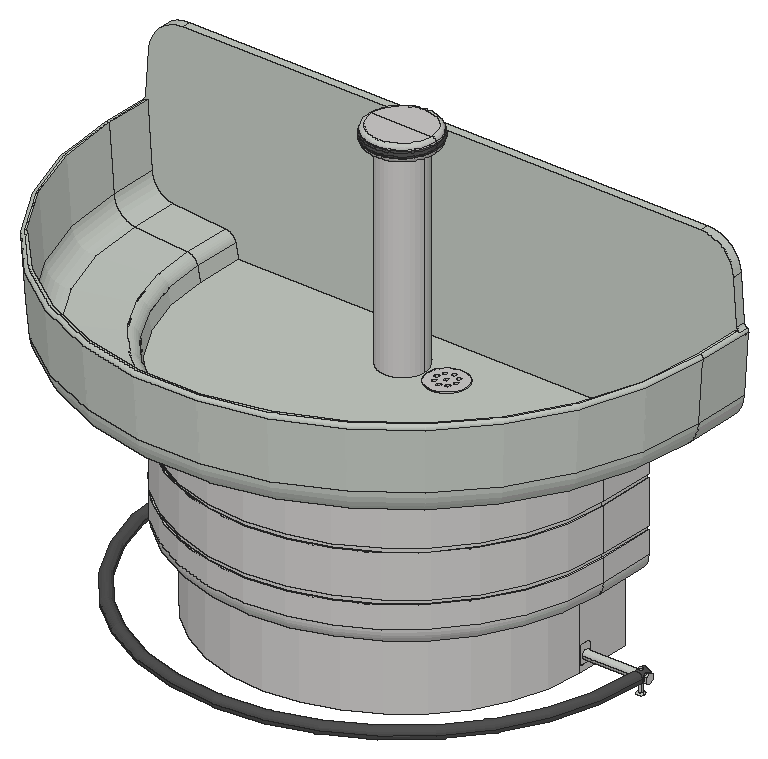
Revit family "Washfountain_Lavatory-Bradley_Corp-WF2504-Type_B_Drain", category Plumbing Fixtures, Revit 2012
Parameters (values of type "Standard")
  Width = 54.000"
  Warranty Information = "Terreon® material warranted for ten years. All other components warranted for one year. This warranty does not cover installation or any other labor charges and does not apply to any units, which have been damaged by accident, abuse, improper installation, improper maintenance, or altered in any way."
  WFU = 0
  Voltage = 110 V
  Version = "2.0"
  Vent Radius = Vent / 2  # 3/4"
  Vent = 1 1/2"
  URL = "http://www.bradleycorp.com/"
  Towel Dispenser Holder [instance] = if(and(Soap Dispenser, Sensor Module), 4.750", if(and(No Soap Dispenser, Sensor Module), 13.250", if(and(Soap Dispenser, No Sensor Module), 4.750", 13.250")))  # 13.250"
  Towel Dispenser Height [instance] = if(and(Soap Dispenser, Sensor Module, Model ID = 2), 55.500", if(and(No Soap Dispenser, Sensor Module, Model ID = 2), 55.500", if(and(Soap Dispenser, No Sensor Module, Model ID = 2), 52.000", if(and(No Soap Dispenser, No Sensor Module, Model ID = 2), 52.000", if(and(Soap Dispenser, Sensor Module, Model ID = 1), 51.500", if(and(No Soap Dispenser, Sensor Module, Model ID = 1), 51.500", if(and(Soap Dispenser, No Sensor Module, Model ID = 1), 48.000", 48.000")))))))  # 52.000"
  TouchTime® Control [instance] = no
  Technical Data = "n/a"
  Standard Height = Model ID = 2  # yes
  Spray Head Height = 38.750"
  Specifications URL = "http://www.bradleycorp.com/3partspec"
  Soap Dispenser Holder [instance] = 2.500"  # constant formula
  Soap Dispenser Height [instance] = if(and(No Sensor Module, Model ID = 2), 47.250", if(and(Sensor Module, Model ID = 2), 50.750", if(and(No Sensor Module, Model ID = 1), 43.250", 46.750")))  # 47.250"
  Sensor Module Height = 42.250"
  Sensor Module [instance] = or(not(Foot Control Valve), TouchTime® Control, Air Valve Hand Control, Adaptive Infrared Activation Control)  # no
  Rim Height = 29.500"
  Supply Height [instance] = if(and(Sensor Module, Soap Dispenser, Towel Dispenser, Model ID = 2), 71.813", if(and(Sensor Module, Soap Dispenser, No Towel Dispenser, Model ID = 2), 50.750", if(and(Sensor Module, No Soap Dispenser, No Towel Dispenser, Model ID = 2), 42.250", if(and(Sensor Module, No Soap Dispenser, Towel Dispenser, Model ID = 2), 71.813", if(and(No Sensor Module, No Soap Dispenser, No Towel Dispenser, Model ID = 2), 38.750", if(and(No Sensor Module, No Soap Dispenser, Towel Dispenser, Model ID = 2), 68.313", if(and(No Sensor Module, Soap Dispenser, Towel Dispenser, Model ID = 2), 68.313", if(and(No Sensor Module, Soap Dispenser, No Towel Dispenser, Model ID = 2), 47.250", if(and(Sensor Module, Soap Dispenser, Towel Dispenser, Model ID = 1), 67.813", if(and(Sensor Module, Soap Dispenser, No Towel Dispenser, Model ID = 1), 46.750", if(and(Sensor Module, No Soap Dispenser, No Towel Dispenser, Model ID = 1), 38.250", if(and(Sensor Module, No Soap Dispenser, Towel Dispenser, Model ID = 1), 67.813", if(and(No Sensor Module, No Soap Dispenser, No Towel Dispenser, Model ID = 1), 34.750", if(and(No Sensor Module, No Soap Dispenser, Towel Dispenser, Model ID = 1), 64.313", if(and(No Sensor Module, Soap Dispenser, Towel Dispenser, Model ID = 1), 64.313", 43.250")))))))))))))))  # 38.750"
  Product Tech Data URL - Spanish = ""
  Product Tech Data URL - French = ""
  Product Tech Data URL - English = "http://bradleycorp.com/download/1840/2013.pdf"
  Pedestal Material = Stainless Steel - Bradley Corp - Satin
  Pedestal Height = 19.000"
  Operating Water Pressure Range = "20 - 80 PSI"
  OmniClass Table 23 Title = "Sinks/Lavatories"
  OmniClass Table 23 Number = "23-31 13 00"
  OmniClass Table 21 Title = "Plumbing Fixtures"
  OmniClass Table 21 Number = "21-04 20 10 60"
  No Towel Dispenser [instance] = not(Towel Dispenser)  # yes
  No Soap Dispenser [instance] = not(Soap Dispenser)  # yes
  No Sensor Module [instance] = not(Sensor Module)  # yes
  Modeling Code = ""
  Model ID = 2
  Model = "WF2504"
  Material Note = "Other Terreon® colors available - See www.bradleycorp.com "
  MasterFormat Title = "Commercial Lavatories and Sinks"
  MasterFormat Number = "22 42 16"
  Manufacturer = "Bradley Corp"
  Juvenile Height = Model ID = 1  # no
  Industry Standards = "ANSI Z124.3, Z124.6 and ANSI/ICPA SS-1-2001"
  Hot Lavatory Inlet Primary Radius = Hot Lavatory Inlet Primary / 2  # 1/4"
  Hot Lavatory Inlet Primary = 1/2"
  HWFU = 0
  Frequency = 50 Hz
  Foot Control Valve [instance] = not(or(TouchTime® Control, Air Valve Hand Control, Adaptive Infrared Activation Control))  # yes
  Flow Type = 3.0 GPM
  Fire Rating = "n/a"
  Drain Radius = Drain / 2  # 1"
  Drain = 2"
  Description = "Washfountain, 54\" Semi Circular with 9\" Deep Bowl"
  Copyright = "This Model Data is Property of Bradley Corporation"
  Cold Lavatory Inlet Primary Radius = Cold Lavatory Inlet Primary / 2  # 1/4"
  Cold Lavatory Inlet Primary = 1/2"
  CWFU = 0
  Buy American Act = "No"
  Button Visibility [instance] = or(TouchTime® Control, Air Valve Hand Control)  # no
  Bowl Material [instance] = Stone - Bradley Corp - Empire Gray
  Assembly Code = "D2010300"
  Air Valve Hand Control [instance] = no
  Adaptive Infrared Activation Control [instance] = no
  ADA Compliant = "Yes"
  Soap Dispenser [instance] = no
  Towel Dispenser [instance] = no
Reference planes (in)
  plane 1 "Center (Front/Back)": y = 0
  plane 2: z = 0
  plane 3 "Center (Left/Right)": x = 0
  plane 4 "Left": x = -27
  plane 5 "Right": x = 27
  plane 6 "Towel Dispenser": z = 52
  plane 7 "Soap Dispenser": z = 47.25
  plane 8 "Sensor Module": z = 42.25
  plane 9 "Spray Head": z = 38.75
  plane 10 "Rim Height": z = 29.5
  plane 11 "Pedestal Height": z = 19
  plane 12: z = 41.25
  plane 13: y = -32.2274
Forms (in)
  Sweep 1, solid, material "Stone - Bradley Corp - Empire Gray" <- "Bowl Material"
    path in 3D
      loop
        line (26.97649, 0, 29.5) -> (26.97649, -5.09016, 29.5)
        arc (26.97649, -5.09016, 29.5) -> (0, -32.06665, 29.5) -> (-26.97649, -5.09016, 29.5) r 26.97649
        line (-26.97649, -5.09016, 29.5) -> (-26.97649, 0, 29.5)
    profile origin (-26.97649, -2.54508, 29.5) x (-1, 0, 0) y (0, 0, 1)
      loop
        line (-0.36849, -5.60574) -> (0.00015, -0.33398)
        arc (0.00015, -0.33398) -> (-0.08011, -0.10234) -> (-0.30288, 0) r 0.31231
        line (-0.30288, 0) -> (-0.47772, 0) -> (-0.86727, -5.57086)
        arc (-0.86727, -5.57086) -> (-1.46619, -6.9067) -> (-2.78695, -7.53818) r 2.125
        line (-2.78695, -7.53818) -> (-7.52625, -7.93634)
        arc (-7.52625, -7.93634) -> (-8.11685, -8.19439) -> (-8.42734, -8.75918) r 1
        line (-8.42734, -8.75918) -> (-8.64604, -9.99947) -> (-24.97649, -9.99947) -> (-24.97649, -10.5) -> (-8.64604, -10.5)
        arc (-8.64604, -10.5) -> (-8.32099, -10.37992) -> (-8.15206, -10.07737) r 0.5
        line (-8.15206, -10.07737) -> (-7.93494, -8.846)
        arc (-7.93494, -8.846) -> (-7.77969, -8.56361) -> (-7.48439, -8.43458) r 0.5
        line (-7.48439, -8.43458) -> (-2.74261, -8.03622)
        arc (-2.74261, -8.03622) -> (-1.1093, -7.25688) -> (-0.36849, -5.60574) r 2.625
  Sweep 2, solid, material "Stone - Bradley Corp - Empire Gray" <- "Bowl Material", detail levels coarse
    path in 3D
      loop
        line (26.97649, 0, 29.5) -> (26.97649, -5.09016, 29.5)
        arc (26.97649, -5.09016, 29.5) -> (0, -32.06665, 29.5) -> (-26.97649, -5.09016, 29.5) r 26.97649
        line (-26.97649, -5.09016, 29.5) -> (-26.97649, 0, 29.5)
    profile origin (-26.97649, -2.54508, 29.5) x (-1, 0, 0) y (0, 0, 1)
      loop
        line (-0.52542, -7.84995) -> (0.0235, 0) -> (-0.47772, 0) -> (-0.99431, -7.38758) -> (-8.29362, -8.00081) -> (-8.64604, -9.99947) -> (-24.97641, -9.99947) -> (-24.97641, -10.5) -> (-8.22658, -10.5) -> (-7.86808, -8.46682) -> (-0.52542, -7.84995)
  Sweep 3, solid, material "Stainless Steel - Bradley Corp - Satin" <- "Pedestal Material", visible <- "Standard Height", detail levels medium+fine
    path in 3D
      loop
        line (-18.00049, 0, 19) -> (-18.00049, -5.09016, 19)
        arc (-18.00049, -5.09016, 19) -> (0, -23.09065, 19) -> (18.00049, -5.09016, 19) r 18.00049
        line (18.00049, -5.09016, 19) -> (18.00049, 0, 19)
    profile origin (-18.00049, -2.54508, 19) x (1, 0, 0) y (0, 0, 1)
      loop
        line (0.00049, -4.376) -> (0.12942, -4.376) -> (0.12942, -4.751) -> (0.00454, -4.751) -> (0.00454, -8.56354) -> (0.12942, -8.56354) -> (0.12942, -8.9385) -> (0.0005, -8.9385) -> (0.0005, -10.96713)
        arc (0.0005, -10.96713) -> (0.44863, -12.04901) -> (1.53051, -12.49714) r 1.53001
        line (1.53051, -12.49714) -> (2.14799, -12.49714) -> (2.14799, -19) -> (2.64799, -19) -> (2.64799, -11.99714) -> (1.53051, -11.99714)
        arc (1.53051, -11.99714) -> (0.80218, -11.69546) -> (0.5005, -10.96713) r 1.03001
        line (0.5005, -10.96713) -> (0.5005, -8.9385) -> (0.62942, -8.9385) -> (0.62942, -8.56354) -> (0.50454, -8.56354) -> (0.50454, -4.751) -> (0.62942, -4.751) -> (0.62942, -4.376) -> (0.50049, -4.376) -> (0.50049, 0) -> (0.00049, 0) -> (0.00049, -4.376)
  Sweep 4, solid, material "Stainless Steel - Bradley Corp - Satin" <- "Pedestal Material", visible <- "Standard Height", detail levels coarse
    path in 3D
      loop
        line (-18.00049, 0, 19) -> (-18.00049, -5.09016, 19)
        arc (-18.00049, -5.09016, 19) -> (0, -23.09065, 19) -> (18.00049, -5.09016, 19) r 18.00049
        line (18.00049, -5.09016, 19) -> (18.00049, 0, 19)
    profile origin (-18.00049, -2.54508, 19) x (1, 0, 0) y (0, 0, 1)
      loop
        line (0, 0) -> (0, -12.49714) -> (2.14799, -12.49714) -> (2.14799, -19) -> (2.64799, -19) -> (2.64799, -11.99714) -> (0.50454, -11.99714) -> (0.50454, 0) -> (0, 0)
  Sweep 5, solid, material "Stainless Steel - Bradley Corp - Satin" <- "Pedestal Material", visible <- "Juvenile Height", detail levels medium+fine
    path in 3D
      loop
        line (-18.00049, 0, 19) -> (-18.00049, -5.09016, 19)
        arc (-18.00049, -5.09016, 19) -> (0, -23.09065, 19) -> (18.00049, -5.09016, 19) r 18.00049
        line (18.00049, -5.09016, 19) -> (18.00049, 0, 19)
    profile origin (-18.00049, -2.54508, 19) x (1, 0, 0) y (0, 0, 1)
      loop
        line (0, -3.44859) -> (0.1016, -3.44859) -> (0.1016, -3.74411) -> (0.0032, -3.74411) -> (0.0032, -6.74866) -> (0.1016, -6.74866) -> (0.1016, -7.04415) -> (0.00001, -7.04415) -> (0.00001, -8.20062)
        arc (0.00001, -8.20062) -> (0.48269, -9.36592) -> (1.64799, -9.8486) r 1.64798
        line (1.64799, -9.8486) -> (2.14799, -9.8486) -> (2.14799, -15) -> (2.54202, -15) -> (2.54202, -9.45457) -> (1.64799, -9.45457)
        arc (1.64799, -9.45457) -> (0.76131, -9.08729) -> (0.39404, -8.20062) r 1.25395
        line (0.39404, -8.20062) -> (0.39404, -7.04415) -> (0.49564, -7.04415) -> (0.49564, -6.74866) -> (0.39723, -6.74866) -> (0.39723, -3.74411) -> (0.49564, -3.74411) -> (0.49564, -3.44859) -> (0.39403, -3.44859) -> (0.39403, 0) -> (0, 0) -> (0, -3.44859)
  Sweep 6, solid, material "Stainless Steel - Bradley Corp - Satin" <- "Pedestal Material", visible <- "Juvenile Height", detail levels coarse
    path in 3D
      loop
        line (-18.00049, 0, 19) -> (-18.00049, -5.09016, 19)
        arc (-18.00049, -5.09016, 19) -> (0, -23.09065, 19) -> (18.00049, -5.09016, 19) r 18.00049
        line (18.00049, -5.09016, 19) -> (18.00049, 0, 19)
    profile origin (-18.00049, -2.54508, 19) x (1, 0, 0) y (0, 0, 1)
      loop
        line (0, -9.8486) -> (2.14799, -9.8486) -> (2.14799, -15) -> (2.64799, -15) -> (2.64799, -9.3486) -> (0.5, -9.3486) -> (0.5, 0) -> (0, 0) -> (0, -9.8486)
  Revolve 7, solid, material "Stainless Steel - Bradley Corp - Polished", visible <- "Soap Dispenser", detail levels fine
    sketch origin (-3, -5.25, 47.25) x (1, 0, 0) y (0, 0, 1)
      loop
        line (-2.88598, -5.36403) -> (-2.85471, -5.36403) -> (-2.85471, -6) -> (3, -6) -> (3, 0) -> (-0.11538, 0)
        arc (-0.11538, 0) -> (-1.691, -0.10007) -> (-3.24592, -0.37358) r 14.27083
        line (-3.24592, -0.37358) -> (-3.24592, -0.99953) -> (-3.01, -0.99953) -> (-3.01, -1.61403) -> (-2.97, -1.61403) -> (-2.97, -2.86403) -> (-2.93, -2.86403) -> (-2.93, -4.11402) -> (-2.88598, -4.11402) -> (-2.88598, -5.36403)
      axis (3, 0) -> (3, -6)
    angle from 360 to 180
  Revolve 8, solid, material "Stainless Steel - Bradley Corp - Polished", visible <- "Soap Dispenser", detail levels coarse+medium
    sketch origin (-3, -5.25, 47.25) x (1, 0, 0) y (0, 0, 1)
      loop
        line (-3.24592, -0.99953) -> (-2.85471, -6) -> (3, -6) -> (3, -0.99953) -> (-3.24592, -0.99953)
      axis (3, -0.99953) -> (3, -6)
    angle from 360 to 180
  Revolve 9, solid, material "Stainless Steel - Bradley Corp - Polished", detail levels fine
    sketch origin (-3, -5.25, 38.75) x (1, 0, 0) y (0, 0, 1)
      loop
        arc (0.31, 0) -> (0.06605, -0.10105) -> (-0.035, -0.345) r 0.345
        line (-0.035, -0.345) -> (-0.035, -0.44473)
        arc (-0.035, -0.44473) -> (-0.09885, -0.47345) -> (-0.125, -0.5384) r 0.09375
        line (-0.125, -0.5384) -> (-0.125, -0.8509)
        arc (-0.125, -0.8509) -> (-0.09885, -0.91586) -> (-0.035, -0.94458) r 0.09375
        line (-0.035, -0.94458) -> (-0.035, -1.04463)
        arc (-0.035, -1.04463) -> (0.06605, -1.28858) -> (0.31, -1.38963) r 0.345
        line (0.31, -1.38963) -> (1, -1.38963) -> (1, -19.75) -> (3, -19.75) -> (3, 0) -> (0.31, 0)
      axis (3, 0) -> (3, -19.75)
    angle from 0 to 360
  Revolve 10, solid, material "Stainless Steel - Bradley Corp - Polished", detail levels coarse+medium
    sketch origin (-3, -5.25, 38.75) x (1, 0, 0) y (0, 0, 1)
      loop
        line (-0.125, -0.94458) -> (0.31, -1.38963) -> (1, -1.38963) -> (1, -19.75) -> (3, -19.75) -> (3, 0.00012) -> (0.31985, 0.00012) -> (-0.125, -0.44473) -> (-0.125, -0.94458)
      axis (3, 0.00012) -> (3, -19.75)
    angle from 0 to 360
  Extrusion 11, solid, material "Stone - Bradley Corp - Empire Gray" <- "Bowl Material", detail levels medium+fine
    sketch origin (-3, 0, 29.5) x (1, 0, 0) y (0, 0, 1)
      loop
        arc (-23.60112, 0.33907) -> (-23.6674, 0.12286) -> (-23.82201, -0.04217) r 0.50097
        arc (-23.82201, -0.04217) -> (-23.75046, -0.01178) -> (-23.67361, 0) r 0.31231
        line (-23.67361, 0) -> (-23.49877, 0) -> (-23.10922, -5.57086)
        arc (-23.10922, -5.57086) -> (-22.49462, -6.9226) -> (-21.14503, -7.54192) r 2.125
        line (-21.14503, -7.54192) -> (-16.45024, -7.93634)
        arc (-16.45024, -7.93634) -> (-15.85964, -8.19439) -> (-15.54915, -8.75918) r 1
        line (-15.54915, -8.75918) -> (-15.33045, -9.99947) -> (21.33045, -9.99947) -> (21.54915, -8.75918)
        arc (21.54915, -8.75918) -> (21.85964, -8.19439) -> (22.45024, -7.93634) r 1
        line (22.45024, -7.93634) -> (27.14503, -7.54192)
        arc (27.14503, -7.54192) -> (28.49462, -6.9226) -> (29.10922, -5.57086) r 2.125
        line (29.10922, -5.57086) -> (29.49877, 0) -> (29.67361, 0)
        arc (29.67361, 0) -> (29.75046, -0.01178) -> (29.82201, -0.04217) r 0.31231
        arc (29.82201, -0.04217) -> (29.6674, 0.12286) -> (29.60112, 0.33907) r 0.50097
        line (29.60112, 0.33907) -> (29.33045, 4.20977)
        arc (29.33045, 4.20977) -> (28.38375, 6.19456) -> (26.33776, 7.0005) r 3
        line (26.33776, 7.0005) -> (-20.33776, 7.0005)
        arc (-20.33776, 7.0005) -> (-22.38375, 6.19456) -> (-23.33045, 4.20977) r 3
        line (-23.33045, 4.20977) -> (-23.60112, 0.33907)
    from 0 to 0.8003
  Extrusion 12, solid, material "Stone - Bradley Corp - Empire Gray" <- "Bowl Material", detail levels coarse
    sketch origin (-3, 0, 29.5) x (1, 0, 0) y (0, 0, 1)
      loop
        line (-23.49877, 0) -> (-22.98218, -7.38758) -> (-15.68287, -8.00081) -> (-15.33045, -9.99947) -> (21.33045, -9.99947) -> (21.68287, -8.00081) -> (28.98218, -7.38758) -> (29.49877, 0) -> (29.99999, 0) -> (29.99999, 3.33827)
        arc (29.99999, 3.33827) -> (28.92735, 5.92786) -> (26.33776, 7.0005) r 3.66224
        line (26.33776, 7.0005) -> (-20.33776, 7.0005)
        arc (-20.33776, 7.0005) -> (-22.92735, 5.92786) -> (-23.99999, 3.33827) r 3.66224
        line (-23.99999, 3.33827) -> (-23.99999, 0) -> (-23.49877, 0)
    from 0 to 0.8003
  Extrusion 13, solid, material "Stainless Steel - Bradley Corp - Polished", visible <- "Soap Dispenser", detail levels coarse+medium
    sketch origin (-3, -5.25, 47.25) x (1, 0, 0) y (0, 0, 1)
      loop
        line (-2.85471, -6) -> (8.85471, -6) -> (9.24592, -0.99953) -> (-3.24592, -0.99953) -> (-2.85471, -6)
    from 0 to -2.25
  Extrusion 14, solid, material "Stainless Steel - Bradley Corp - Polished", visible <- "Soap Dispenser", detail levels fine
    sketch origin (-3, -5.25, 47.25) x (1, 0, 0) y (0, 0, 1)
      loop
        line (-2.88598, -5.36403) -> (-2.85471, -5.36403) -> (-2.85471, -6) -> (8.85471, -6) -> (8.85471, -5.36403) -> (8.88598, -5.36403) -> (8.88598, -4.11402) -> (8.93, -4.11402) -> (8.93, -2.86403) -> (8.97, -2.86403) -> (8.97, -1.61403) -> (9.01, -1.61403) -> (9.01, -0.99953) -> (9.24592, -0.99953) -> (9.24592, -0.37358)
        arc (9.24592, -0.37358) -> (7.691, -0.10007) -> (6.11538, 0) r 14.27083
        line (6.11538, 0) -> (-0.11538, 0)
        arc (-0.11538, 0) -> (-1.691, -0.10007) -> (-3.24592, -0.37358) r 14.27083
        line (-3.24592, -0.37358) -> (-3.24592, -0.99953) -> (-3.01, -0.99953) -> (-3.01, -1.61403) -> (-2.97, -1.61403) -> (-2.97, -2.86403) -> (-2.93, -2.86403) -> (-2.93, -4.11402) -> (-2.88598, -4.11402) -> (-2.88598, -5.36403)
    from 0 to -2.25
  Revolve 15, solid, material "Stainless Steel - Bradley Corp - Polished", visible <- "Sensor Module", detail levels fine
    sketch origin (-3, -5.25, 42.25) x (1, 0, 0) y (0, 0, 1)
      loop
        line (-1.49987, -0.56541) -> (-1.49987, -1.98683)
        arc (-1.49987, -1.98683) -> (-1.48063, -2.08301) -> (-1.42587, -2.16439) r 0.25
        line (-1.42587, -2.16439) -> (-0.82309, -2.76716)
        arc (-0.82309, -2.76716) -> (-0.74199, -2.82135) -> (-0.64632, -2.84038) r 0.25
        line (-0.64632, -2.84038) -> (1, -2.84038) -> (1, -3.5) -> (3, -3.5) -> (3, 0) -> (0.89718, 0)
        arc (0.89718, 0) -> (-0.28099, -0.0858) -> (-1.45612, -0.2063) r 40.06
        arc (-1.45612, -0.2063) -> (-1.54124, -0.251) -> (-1.57537, -0.34072) r 0.135
        line (-1.57537, -0.34072) -> (-1.57537, -0.56541) -> (-1.49987, -0.56541)
      axis (3, 0) -> (3, -3.5)
    angle from 0 to 360
  Revolve 16, solid, material "Stainless Steel - Bradley Corp - Polished", visible <- "Sensor Module", detail levels coarse+medium
    sketch origin (-3, -5.25, 42.25) x (1, 0, 0) y (0, 0, 1)
      loop
        line (-1.57537, -2.01488) -> (-0.74987, -2.84038) -> (1, -2.84038) -> (1, -3.5) -> (3, -3.5) -> (3, 0) -> (-1.57537, 0) -> (-1.57537, -2.01488)
      axis (3, 0) -> (3, -3.5)
    angle from 0 to 360
  Extrusion 17, solid, material "Stainless Steel - Bradley Corp - Polished", visible <- "Towel Dispenser"
    sketch origin (-0.06458, -11.63773, 52) x (0, 0, 1) y (-0.871825, -0.489818, 0)
      loop
        line (0, 0) -> (15.313, 0) -> (14.62567, 4) -> (1.37502, 4) -> (0, 1.75) -> (0, 0)
    from 0 to -11
  Extrusion 18, solid, material "Stainless Steel - Bradley Corp - Polished", visible <- "Towel Dispenser"
    sketch origin (0.06458, -11.63773, 52) x (0, 0, 1) y (-0.871825, 0.489818, 0)
      loop
        line (0, 0) -> (0, -1.75) -> (1.37502, -4) -> (14.62567, -4) -> (15.313, 0) -> (0, 0)
    from 0 to -11
  Extrusion 19, solid, material "Stainless Steel - Bradley Corp - Polished", visible <- "Towel Dispenser"
    sketch origin (0, 0, 52) x (-1, 0, 0) y (0, -1, 0)
      loop
        circle (0, 5.25) r 2
    from -13.25 to 16.313
  Extrusion 20, solid, material "Stainless Steel - Bradley Corp - Polished", visible <- "Soap Dispenser"
    sketch origin (0, 0, 47.25) x (-1, 0, 0) y (0, -1, 0)
      loop
        circle (0, 5.25) r 2
    from -6 to -8.5
  Extrusion 21, solid, material "Stainless Steel - Bradley Corp - Polished", visible <- "Towel Dispenser"
    sketch origin (0, 0, 52) x (-1, 0, 0) y (0, -1, 0)
      loop
        line (5.45258, 2.04766) -> (0.06458, 11.63773) -> (-0.06458, 11.63773) -> (-5.45258, 2.04766) -> (5.45258, 2.04766)
      loop
        circle (0, 5.25) r 2
    from 1.0786 to 1.5786
  Extrusion 22, solid, material "Stainless Steel - Bradley Corp - Polished", visible <- "Towel Dispenser"
    sketch origin (0, 0, 52) x (-1, 0, 0) y (0, -1, 0)
      loop
        line (-5.45258, 2.04766) -> (5.45258, 2.04766) -> (0.06458, 11.63773) -> (-0.06458, 11.63773) -> (-5.45258, 2.04766)
      loop
        circle (0, 5.25) r 2
    from 14.62567 to 14.12567
  Extrusion 23, solid, material "Stone - Bradley Corp - Empire Gray" <- "Bowl Material", detail levels coarse
    sketch origin (0, 0, 29.5) x (-1, 0, 0) y (0, -1, 0)
      loop
        arc (2.00008, 5.09016) -> (0, 3.09007) -> (-2.00008, 5.09016) r 2.00008
        line (-2.00008, 5.09016) -> (-2.00008, 0) -> (2.00008, 0) -> (2.00008, 5.09016)
    from -10.499 to -9.99947
  Extrusion 24, solid, material "Stone - Bradley Corp - Empire Gray" <- "Bowl Material"
    sketch origin (0, 0, 29.5) x (-1, 0, 0) y (0, -1, 0)
      loop
        arc (2, 5.09016) -> (0, 3.09016) -> (-2, 5.09016) r 2
        line (-2, 5.09016) -> (-2, 0) -> (2, 0) -> (2, 5.09016)
    from -10.499 to -9.99947
  Sweep 25, solid, material "Plastic - Bradley Corp - Black", visible <- "Foot Control Valve"
    path in 3D
      loop
        line (21.00049, -4.125, 0) -> (21.00049, -5.09016, 0)
        arc (21.00049, -5.09016, 0) -> (0, -26.09065, 0) -> (-21.00049, -5.09016, 0) r 21.00049
        line (-21.00049, -5.09016, 0) -> (-21.00049, -4.125, 0)
    profile origin (-21.00049, -4.60758, 0) x (-1, 0, 0) y (0, 0, 1)
      loop
        circle (0, 1.425) r 0.5
  Extrusion 26, solid, material "Stainless Steel - Bradley Corp - Satin", visible <- "Foot Control Valve"
    sketch origin (0, 0, 0) x (0, 1, 0) y (0, 0, 1)
      loop
        circle (-4.625, 1.425) r 0.371
    from -21.53456 to -15.8525
  Extrusion 27, solid, material "Stainless Steel - Bradley Corp - Satin", visible <- "Foot Control Valve"
    sketch origin (0, 0, 0) x (0, 1, 0) y (0, 0, -1)
      loop
        circle (-4.625, -1.425) r 0.371
    from -21.53456 to -15.8525
  Extrusion 28, solid, material "Stainless Steel - Bradley Corp - Polished", visible <- "Foot Control Valve", detail levels fine
    sketch origin (0, 0, 0) x (1, 0, 0) y (0, 1, 0)
      loop
        circle (-21.00049, -4.625) r 0.117
    from 0.12175 to 2.02302
  Extrusion 29, solid, material "Stainless Steel - Bradley Corp - Polished", visible <- "Foot Control Valve", detail levels fine
    sketch origin (0, 0, 0) x (-1, 0, 0) y (0, -1, 0)
      loop
        circle (-21.00049, 4.625) r 0.117
    from 0.12175 to 2.02302
  Blend 30, solid, material "Stainless Steel - Bradley Corp - Polished", visible <- "Foot Control Valve", detail levels fine
    base sketch origin (0, 0, 0) x (1, 0, 0) y (0, 1, 0)
      loop
        circle (-21.00049, -4.625) r 0.117
    top sketch origin (0, 0, 0) x (1, 0, 0) y (0, 1, 0)
      loop
        circle (-21.00049, -4.625) r 0.325
    from 0.12175 to 0
  Blend 31, solid, material "Stainless Steel - Bradley Corp - Polished", visible <- "Foot Control Valve", detail levels fine
    base sketch origin (0, 0, 0) x (-1, 0, 0) y (0, -1, 0)
      loop
        circle (-21.00049, 4.625) r 0.117
    top sketch origin (0, 0, 0) x (-1, 0, 0) y (0, -1, 0)
      loop
        circle (-21.00049, 4.625) r 0.325
    from 0.12175 to 0
  Extrusion 32, solid, material "Stainless Steel - Bradley Corp - Polished", visible <- "Foot Control Valve", detail levels fine
    sketch origin (0, 0, 0) x (0, 1, 0) y (0, 0, 1)
      loop
        line (-4.25298, 1.64221) -> (-4.62448, 1.85669) -> (-4.99598, 1.64221) -> (-4.99598, 1.21324) -> (-4.62448, 0.99875) -> (-4.25298, 1.21324) -> (-4.25298, 1.64221)
    from -21.53456 to -21.80027
  Extrusion 33, solid, material "Stainless Steel - Bradley Corp - Polished", visible <- "Foot Control Valve", detail levels fine
    sketch origin (0, 0, 0) x (0, 1, 0) y (0, 0, -1)
      loop
        line (-4.25298, -1.64221) -> (-4.25298, -1.21324) -> (-4.62448, -0.99875) -> (-4.99598, -1.21324) -> (-4.99598, -1.64221) -> (-4.62448, -1.85669) -> (-4.25298, -1.64221)
    from -21.53456 to -21.80027
  Extrusion 34, solid, material "Stainless Steel - Bradley Corp - Satin", visible <- "Foot Control Valve"
    sketch origin (0, 0, 0) x (0, 1, 0) y (0, 0, 1)
      loop
        line (-4.37723, 2.29222) -> (-4.87723, 2.29222)
        arc (-4.87723, 2.29222) -> (-5.05401, 2.219) -> (-5.12723, 2.04222) r 0.25
        line (-5.12723, 2.04222) -> (-5.12723, 0.91722)
        arc (-5.12723, 0.91722) -> (-5.05401, 0.74044) -> (-4.87723, 0.66722) r 0.25
        line (-4.87723, 0.66722) -> (-4.37723, 0.66722)
        arc (-4.37723, 0.66722) -> (-4.20046, 0.74044) -> (-4.12723, 0.91722) r 0.25
        line (-4.12723, 0.91722) -> (-4.12723, 2.04222)
        arc (-4.12723, 2.04222) -> (-4.20046, 2.219) -> (-4.37723, 2.29222) r 0.25
    from -15.978 to -15.8525
  Extrusion 35, solid, material "Stainless Steel - Bradley Corp - Satin", visible <- "Foot Control Valve"
    sketch origin (0, 0, 0) x (0, 1, 0) y (0, 0, -1)
      loop
        arc (-4.37723, -2.29222) -> (-4.20046, -2.219) -> (-4.12723, -2.04222) r 0.25
        line (-4.12723, -2.04222) -> (-4.12723, -0.91722)
        arc (-4.12723, -0.91722) -> (-4.20046, -0.74044) -> (-4.37723, -0.66722) r 0.25
        line (-4.37723, -0.66722) -> (-4.87723, -0.66722)
        arc (-4.87723, -0.66722) -> (-5.05401, -0.74044) -> (-5.12723, -0.91722) r 0.25
        line (-5.12723, -0.91722) -> (-5.12723, -2.04222)
        arc (-5.12723, -2.04222) -> (-5.05401, -2.219) -> (-4.87723, -2.29222) r 0.25
        line (-4.87723, -2.29222) -> (-4.37723, -2.29222)
    from -15.978 to -15.8525
  Extrusion 36, void
    sketch origin (0, 0, 19) x (-1, 0, 0) y (0, -1, 0)
      loop
        circle (-4, 5.25) r 1.75
    from 0 to 10.5
  Extrusion 37, solid, material "Stainless Steel - Bradley Corp - Polished", detail levels medium+fine
    sketch origin (0, 0, 19) x (-1, 0, 0) y (0, -1, 0)
      loop
        circle (-4, 5.25) r 1.75
      loop
        circle (-4, 5.25) r 0.1842
      loop
        circle (-4, 4.37229) r 0.1842
      loop
        circle (-3.12229, 5.25) r 0.1842
      loop
        circle (-4, 6.12771) r 0.1842
      loop
        circle (-4.87771, 5.25) r 0.1842
      loop
        circle (-4.62063, 4.62937) r 0.1842
      loop
        circle (-3.37937, 4.62937) r 0.1842
      loop
        circle (-3.37937, 5.87063) r 0.1842
      loop
        circle (-4.62063, 5.87063) r 0.1842
    from 0 to 0.55176
  Extrusion 38, solid, material "Default", not visible
    sketch origin (0, 0, 0) x (1, 0, 0) y (0, 1, 0)
      loop
        circle (-4, -5.25) r 1
    from 0 to 3
  Extrusion 39, solid, material "Default", not visible
    sketch origin (0, 0, 29.5) x (-1, 0, 0) y (0, -1, 0)
      loop
        circle (0, 5.25) r 0.75
      loop
        circle (0.875, 4) r 0.25
      loop
        circle (-0.875, 4) r 0.25
    from -29.5 to 9.25
  Extrusion 40, solid, material "Default", not visible
    sketch origin (0, 0, 0) x (1, 0, 0) y (0, 0, 1)
      loop
        line (-4.5, 10) -> (-3.5, 10) -> (-3.5, 12) -> (-4.5, 12) -> (-4.5, 10)
    from 0 to 2.5
  Revolve 41, solid, material "Plastic - Bradley Corp - Black", visible <- "Soap Dispenser", detail levels coarse+medium
    sketch origin (-3, -5.25, 47.25) x (1, 0, 0) y (0, 0, 1)
      loop
        line (-3.32412, 0) -> (-3.24592, -0.99953) -> (3, -0.99953) -> (3, 0) -> (-3.32412, 0)
      axis (3, 0) -> (3, -0.99953)
    angle from 180 to 360
  Extrusion 42, solid, material "Plastic - Bradley Corp - Black", visible <- "Soap Dispenser", detail levels coarse+medium
    sketch origin (-3, -5.25, 47.25) x (1, 0, 0) y (0, 0, 1)
      loop
        line (-3.24592, -0.99953) -> (9.24592, -0.99953) -> (9.32412, 0) -> (-3.32412, 0) -> (-3.24592, -0.99953)
    from 0 to -2.25
  Extrusion 43, solid, material "Stainless Steel - Bradley Corp - Polished", visible <- "Button Visibility"
    sketch origin (-3, -5.25, 42.25) x (1, 0, 0) y (0, 0, 1)
      loop
        circle (3, -1.3649) r 0.5
    from 4.57537 to 4.97537
  Extrusion 44, solid, material "Stainless Steel - Bradley Corp - Polished", visible <- "Button Visibility", detail levels fine
    sketch origin (-3, -5.25, 42.25) x (1, 0, 0) y (0, 0, 1)
      loop
        circle (3, -1.3649) r 0.25
    from 4.4998 to 4.57537
Cuts and joins
  joined: Revolve 8, Extrusion 13
  joined: Revolve 7, Extrusion 14
  Extrusion 36 cuts Sweep 2
  joined: Sweep 2, Extrusion 23
  Extrusion 36 cuts Sweep 1
  joined: Sweep 1, Extrusion 24
  joined: Extrusion 26, Extrusion 27, Extrusion 34, Extrusion 35
  joined: Revolve 41, Extrusion 42
Lines and regions (in)
  Masking region 1, visible <- "Standard Height", detail levels coarse
    outline origin (-3, 0, 19) x (1, 0, 0) y (0, 0, 1)
      loop
        line (-15.00049, 0) -> (-15.00049, -12.49714) -> (-12.8525, -12.49714) -> (-12.8525, -19) -> (18.8525, -19) -> (18.8525, -12.49714) -> (21.00049, -12.49714) -> (21.00049, 0) -> (-15.00049, 0)
  Masking region 2, visible <- "Standard Height", detail levels medium+fine
    outline origin (-3, 0, 19) x (1, 0, 0) y (0, 0, 1)
      loop
        line (-15.00049, -4.376) -> (-14.87156, -4.376) -> (-14.87156, -4.751) -> (-14.99644, -4.751) -> (-14.99644, -8.56354) -> (-14.87156, -8.56354) -> (-14.87156, -8.9385) -> (-15.00048, -8.9385) -> (-15.00048, -10.96713)
        arc (-15.00048, -10.96713) -> (-14.55235, -12.04901) -> (-13.47047, -12.49714) r 1.53001
        line (-13.47047, -12.49714) -> (-12.85299, -12.49714) -> (-12.85299, -19) -> (18.85299, -19) -> (18.85299, -12.49714) -> (19.47047, -12.49714)
        arc (19.47047, -12.49714) -> (20.55235, -12.04901) -> (21.00048, -10.96713) r 1.53001
        line (21.00048, -10.96713) -> (21.00048, -8.9385) -> (20.87156, -8.9385) -> (20.87156, -8.56354) -> (20.99644, -8.56354) -> (20.99644, -4.751) -> (20.87156, -4.751) -> (20.87156, -4.376) -> (21.00049, -4.376) -> (21.00049, 0) -> (-15.00049, 0) -> (-15.00049, -4.376)
  Masking region 3, visible <- "Juvenile Height", detail levels coarse
    outline origin (-3, 0, 19) x (1, 0, 0) y (0, 0, 1)
      loop
        line (-15.00049, 0) -> (-15.00049, -9.8486) -> (-12.8525, -9.8486) -> (-12.8525, -15) -> (18.8525, -15) -> (18.8525, -9.8486) -> (21.00049, -9.8486) -> (21.00049, 0) -> (-15.00049, 0)
  Masking region 4, visible <- "Juvenile Height", detail levels medium+fine
    outline origin (-3, 0, 19) x (1, 0, 0) y (0, 0, 1)
      loop
        line (-15.00049, -3.44859) -> (-14.89889, -3.44859) -> (-14.89889, -3.74411) -> (-14.9973, -3.74411) -> (-14.9973, -6.74866) -> (-14.89889, -6.74866) -> (-14.89889, -7.04415) -> (-15.00048, -7.04415) -> (-15.00048, -8.20062)
        arc (-15.00048, -8.20062) -> (-14.5178, -9.36592) -> (-13.3525, -9.8486) r 1.64798
        line (-13.3525, -9.8486) -> (-12.8525, -9.8486) -> (-12.8525, -15) -> (18.8525, -15) -> (18.8525, -9.8486) -> (19.3525, -9.8486)
        arc (19.3525, -9.8486) -> (20.5178, -9.36592) -> (21.00048, -8.20062) r 1.64798
        line (21.00048, -8.20062) -> (21.00048, -7.04415) -> (20.89889, -7.04415) -> (20.89889, -6.74866) -> (20.9973, -6.74866) -> (20.9973, -3.74411) -> (20.89889, -3.74411) -> (20.89889, -3.44859) -> (21.00049, -3.44859) -> (21.00049, 0) -> (-15.00049, 0) -> (-15.00049, -3.44859)
  Masking region 5, detail levels coarse
    outline origin (-3, 0, 29.5) x (1, 0, 0) y (0, 0, 1)
      loop
        line (-23.45107, -7.84995) -> (-16.10841, -8.46682) -> (-15.74991, -10.5) -> (21.74991, -10.5) -> (22.10841, -8.46682) -> (29.45107, -7.84995) -> (29.99999, 0) -> (29.99999, 3.33827)
        arc (29.99999, 3.33827) -> (28.92735, 5.92786) -> (26.33776, 7.0005) r 3.66224
        line (26.33776, 7.0005) -> (-20.33776, 7.0005)
        arc (-20.33776, 7.0005) -> (-22.92735, 5.92786) -> (-23.99999, 3.33827) r 3.66224
        line (-23.99999, 3.33827) -> (-23.99999, 0) -> (-23.45107, -7.84995)
  Masking region 6, detail levels medium+fine
    outline origin (-3, 0, 29.5) x (1, 0, 0) y (0, 0, 1)
      loop
        arc (-23.608, -5.60574) -> (-22.86719, -7.25688) -> (-21.23388, -8.03622) r 2.625
        line (-21.23388, -8.03622) -> (-16.4921, -8.43458)
        arc (-16.4921, -8.43458) -> (-16.1968, -8.56361) -> (-16.04155, -8.846) r 0.5
        line (-16.04155, -8.846) -> (-15.82443, -10.07737)
        arc (-15.82443, -10.07737) -> (-15.6555, -10.37992) -> (-15.33045, -10.5) r 0.5
        line (-15.33045, -10.5) -> (21.33045, -10.5)
        arc (21.33045, -10.5) -> (21.6555, -10.37992) -> (21.82443, -10.07737) r 0.5
        line (21.82443, -10.07737) -> (22.04155, -8.846)
        arc (22.04155, -8.846) -> (22.1968, -8.56361) -> (22.4921, -8.43458) r 0.5
        line (22.4921, -8.43458) -> (27.23388, -8.03622)
        arc (27.23388, -8.03622) -> (28.86719, -7.25688) -> (29.608, -5.60574) r 2.625
        line (29.608, -5.60574) -> (29.97664, -0.33398)
        arc (29.97664, -0.33398) -> (29.94659, -0.17694) -> (29.84276, -0.05534) r 0.31231
        arc (29.84276, -0.05534) -> (29.67369, 0.1123) -> (29.60112, 0.33907) r 0.50097
        line (29.60112, 0.33907) -> (29.33045, 4.20977)
        arc (29.33045, 4.20977) -> (28.38375, 6.19456) -> (26.33776, 7.0005) r 3
        line (26.33776, 7.0005) -> (-20.33776, 7.0005)
        arc (-20.33776, 7.0005) -> (-22.38375, 6.19456) -> (-23.33045, 4.20977) r 3
        line (-23.33045, 4.20977) -> (-23.60112, 0.33907)
        arc (-23.60112, 0.33907) -> (-23.6674, 0.12286) -> (-23.82201, -0.04217) r 0.50097
        arc (-23.82201, -0.04217) -> (-23.94105, -0.16596) -> (-23.97664, -0.33398) r 0.31231
        line (-23.97664, -0.33398) -> (-23.608, -5.60574)
  Masking region 7, visible <- "Standard Height", detail levels coarse
    outline origin (0, 3, 19) x (0, -1, 0) y (0, 0, 1)
      loop
        line (3, -19) -> (23.94266, -19) -> (23.94266, -12.49714) -> (26.09065, -12.49714) -> (26.09065, 0) -> (3, 0) -> (3, -19)
  Masking region 8, visible <- "Standard Height", detail levels medium+fine
    outline origin (0, 3, 19) x (0, -1, 0) y (0, 0, 1)
      loop
        line (3, -19) -> (23.94266, -19) -> (23.94266, -12.49714) -> (24.53151, -12.49714)
        arc (24.53151, -12.49714) -> (25.63363, -12.04063) -> (26.09015, -10.9385) r 1.55864
        line (26.09015, -10.9385) -> (26.09015, -8.9385) -> (25.9605, -8.9385) -> (25.9605, -8.56354) -> (26.0861, -8.56354) -> (26.0861, -4.751) -> (25.9605, -4.751) -> (25.9605, -4.376) -> (26.09016, -4.376) -> (26.09016, 0) -> (3, 0) -> (3, -19)
  Masking region 9, visible <- "Juvenile Height", detail levels coarse
    outline origin (0, 3, 19) x (0, -1, 0) y (0, 0, 1)
      loop
        line (3, -15) -> (23.94266, -15) -> (23.94266, -9.8486) -> (26.09065, -9.8486) -> (26.09065, 0) -> (3, 0) -> (3, -15)
  Masking region 10, visible <- "Juvenile Height", detail levels medium+fine
    outline origin (0, 3, 19) x (0, -1, 0) y (0, 0, 1)
      loop
        line (26.09065, -3.44859) -> (26.09065, 0) -> (3, 0) -> (3, -15) -> (23.94266, -15) -> (23.94266, -9.8486) -> (24.44266, -9.8486)
        arc (24.44266, -9.8486) -> (25.60796, -9.36592) -> (26.09064, -8.20062) r 1.64798
        line (26.09064, -8.20062) -> (26.09064, -7.04415) -> (25.98904, -7.04415) -> (25.98904, -6.74866) -> (26.08745, -6.74866) -> (26.08745, -3.74411) -> (25.98904, -3.74411) -> (25.98904, -3.44859) -> (26.09065, -3.44859)
  Masking region 11, detail levels coarse
    outline origin (0, 3, 29.5) x (0, -1, 0) y (0, 0, 1)
      loop
        line (35.09015, 0) -> (3.8003, 0) -> (3.8003, 7.0005) -> (3, 7.0005) -> (3, -10.5) -> (26.84006, -10.5) -> (27.19857, -8.46682) -> (34.54123, -7.84995) -> (35.09015, 0)
  Masking region 12, detail levels medium+fine
    outline origin (0, 3, 29.5) x (0, -1, 0) y (0, 0, 1)
      loop
        line (34.69551, -5.60527) -> (35.06414, -0.33351)
        arc (35.06414, -0.33351) -> (34.96646, -0.09768) -> (34.73064, 0) r 0.33351
        line (34.73064, 0) -> (3.8003, 0) -> (3.8003, 7.0005) -> (3, 7.0005) -> (3, -10.5) -> (26.41796, -10.5)
        arc (26.41796, -10.5) -> (26.74437, -10.37876) -> (26.91248, -10.07382) r 0.5
        line (26.91248, -10.07382) -> (27.12906, -8.84553)
        arc (27.12906, -8.84553) -> (27.2843, -8.56314) -> (27.5796, -8.43411) r 0.5
        line (27.5796, -8.43411) -> (32.32139, -8.03575)
        arc (32.32139, -8.03575) -> (33.9547, -7.25641) -> (34.69551, -5.60527) r 2.625
  Masking region 13, visible <- "Sensor Module", detail levels coarse+medium
    outline origin (-3, -5.25, 42.25) x (1, 0, 0) y (0, 0, 1)
      loop
        line (7.57537, 0) -> (-1.57537, 0) -> (-1.57537, -2.01488) -> (-0.74987, -2.84038) -> (1, -2.84038) -> (1, -3.5) -> (5, -3.5) -> (5, -2.84038) -> (6.74987, -2.84038) -> (7.57537, -2.01488) -> (7.57537, 0)
  Masking region 14, visible <- "Sensor Module", detail levels fine
    outline origin (-3, -5.25, 42.25) x (1, 0, 0) y (0, 0, 1)
      loop
        line (-1.49987, -0.56541) -> (-1.49987, -1.98683)
        arc (-1.49987, -1.98683) -> (-1.48063, -2.08301) -> (-1.42587, -2.16439) r 0.25
        line (-1.42587, -2.16439) -> (-0.82309, -2.76716)
        arc (-0.82309, -2.76716) -> (-0.74199, -2.82135) -> (-0.64632, -2.84038) r 0.25
        line (-0.64632, -2.84038) -> (1, -2.84038) -> (1, -3.5) -> (5, -3.5) -> (5, -2.84038) -> (6.64632, -2.84038)
        arc (6.64632, -2.84038) -> (6.74199, -2.82135) -> (6.82309, -2.76716) r 0.25
        line (6.82309, -2.76716) -> (7.42587, -2.16439)
        arc (7.42587, -2.16439) -> (7.48063, -2.08301) -> (7.49987, -1.98683) r 0.25
        line (7.49987, -1.98683) -> (7.49987, -0.56541) -> (7.57537, -0.56541) -> (7.57537, -0.34072)
        arc (7.57537, -0.34072) -> (7.54124, -0.251) -> (7.45612, -0.20664) r 0.135
        arc (7.45612, -0.20664) -> (6.28099, -0.0858) -> (5.10282, 0) r 40.06
        line (5.10282, 0) -> (0.89718, 0)
        arc (0.89718, 0) -> (-0.28099, -0.0858) -> (-1.45612, -0.2063) r 40.06
        arc (-1.45612, -0.2063) -> (-1.54124, -0.251) -> (-1.57537, -0.34072) r 0.135
        line (-1.57537, -0.34072) -> (-1.57537, -0.56541) -> (-1.49987, -0.56541)
  Masking region 15, detail levels coarse+medium
    outline origin (-3, -5.25, 38.75) x (1, 0, 0) y (0, 0, 1)
      loop
        line (0.31985, 0.00012) -> (-0.125, -0.44473) -> (-0.125, -0.94458) -> (0.31036, -1.39) -> (1, -1.39) -> (1, -9.25) -> (5, -9.25) -> (5, -1.39) -> (5.68964, -1.39) -> (6.125, -0.94458) -> (6.125, -0.44473) -> (5.68015, 0.00012) -> (0.31985, 0.00012)
  Masking region 16, detail levels fine
    outline origin (-3, -5.25, 38.75) x (1, 0, 0) y (0, 0, 1)
      loop
        arc (0.31012, 0.00052) -> (0.06598, -0.10061) -> (-0.03514, -0.34475) r 0.34526
        line (-0.03514, -0.34475) -> (-0.03514, -0.44475)
        arc (-0.03514, -0.44475) -> (-0.09892, -0.47349) -> (-0.12503, -0.5384) r 0.09373
        line (-0.12503, -0.5384) -> (-0.12503, -0.8509)
        arc (-0.12503, -0.8509) -> (-0.09887, -0.91586) -> (-0.035, -0.94459) r 0.09376
        line (-0.035, -0.94459) -> (-0.035, -1.045)
        arc (-0.035, -1.045) -> (0.06604, -1.28895) -> (0.31, -1.39) r 0.345
        line (0.31, -1.39) -> (1, -1.39) -> (1, -9.25) -> (5, -9.25) -> (5, -1.38963) -> (5.69274, -1.38963)
        arc (5.69274, -1.38963) -> (5.93475, -1.28938) -> (6.035, -1.04737) r 0.34226
        line (6.035, -1.04737) -> (6.035, -0.94426)
        arc (6.035, -0.94426) -> (6.09902, -0.91599) -> (6.12531, -0.85113) r 0.09318
        line (6.12531, -0.85113) -> (6.12531, -0.53856)
        arc (6.12531, -0.53856) -> (6.09908, -0.47335) -> (6.035, -0.44445) r 0.09419
        line (6.035, -0.44445) -> (6.035, -0.34551)
        arc (6.035, -0.34551) -> (5.93365, -0.10083) -> (5.68897, 0.00052) r 0.34603
        line (5.68897, 0.00052) -> (0.31012, 0.00052)
  Masking region 17, visible <- "Soap Dispenser", detail levels coarse+medium
    outline origin (-3, -5.25, 47.25) x (1, 0, 0) y (0, 0, 1)
      loop
        line (-3.32412, 0) -> (-2.85471, -6) -> (8.85471, -6) -> (9.32412, 0) -> (-3.32412, 0)
  Masking region 18, visible <- "Soap Dispenser", detail levels fine
    outline origin (-3, -5.25, 47.25) x (1, 0, 0) y (0, 0, 1)
      loop
        line (-2.88598, -5.36403) -> (-2.85471, -5.36403) -> (-2.85471, -6) -> (8.85471, -6) -> (8.85471, -5.36403) -> (8.88598, -5.36403) -> (8.88598, -4.11402) -> (8.93, -4.11402) -> (8.93, -2.86403) -> (8.97, -2.86403) -> (8.97, -1.61403) -> (9.01, -1.61403) -> (9.01, -0.99953) -> (9.24592, -0.99953) -> (9.24592, -0.37358)
        arc (9.24592, -0.37358) -> (7.691, -0.10007) -> (6.11538, 0) r 14.27083
        line (6.11538, 0) -> (-0.11538, 0)
        arc (-0.11538, 0) -> (-1.691, -0.10007) -> (-3.24592, -0.37358) r 14.27083
        line (-3.24592, -0.37358) -> (-3.24592, -0.99953) -> (-3.01, -0.99953) -> (-3.01, -1.61403) -> (-2.97, -1.61403) -> (-2.97, -2.86403) -> (-2.93, -2.86403) -> (-2.93, -4.11402) -> (-2.88598, -4.11402) -> (-2.88598, -5.36403)
  Masking region 19, detail levels coarse+medium
    outline origin (0, 3, 38.75) x (0, -1, 0) y (0, 0, 1)
      loop
        line (5.56985, 0.00012) -> (5.125, -0.44473) -> (5.125, -0.94458) -> (5.56, -1.38963) -> (6.25001, -1.38963) -> (6.25001, -9.25) -> (10.24993, -9.25) -> (10.24993, -1.38963) -> (10.92995, -1.38963) -> (11.375, -0.94458) -> (11.375, -0.44473) -> (10.93015, 0.00012) -> (5.56985, 0.00012)
  Masking region 20, detail levels fine
    outline origin (0, 0, 0) x (0, 1, 0) y (0, 0, 1)
      loop
        line (-2.56001, 38.75) -> (-7.94001, 38.75)
        arc (-7.94001, 38.75) -> (-8.18397, 38.64895) -> (-8.28501, 38.405) r 0.345
        line (-8.28501, 38.405) -> (-8.28501, 38.30527)
        arc (-8.28501, 38.30527) -> (-8.34887, 38.27655) -> (-8.37501, 38.2116) r 0.09375
        line (-8.37501, 38.2116) -> (-8.37501, 37.8991)
        arc (-8.37501, 37.8991) -> (-8.34887, 37.83414) -> (-8.28501, 37.80542) r 0.09375
        line (-8.28501, 37.80542) -> (-8.28501, 37.70537)
        arc (-8.28501, 37.70537) -> (-8.18397, 37.46142) -> (-7.94001, 37.36037) r 0.345
        line (-7.94001, 37.36037) -> (-7.25001, 37.36037) -> (-7.25001, 29.5) -> (-3.25001, 29.5) -> (-3.25001, 37.36037) -> (-2.56001, 37.36037)
        arc (-2.56001, 37.36037) -> (-2.31606, 37.46142) -> (-2.21501, 37.70537) r 0.345
        line (-2.21501, 37.70537) -> (-2.21501, 37.80542)
        arc (-2.21501, 37.80542) -> (-2.15116, 37.83414) -> (-2.12501, 37.8991) r 0.09375
        line (-2.12501, 37.8991) -> (-2.12501, 38.2116)
        arc (-2.12501, 38.2116) -> (-2.15116, 38.27655) -> (-2.21501, 38.30527) r 0.09375
        line (-2.21501, 38.30527) -> (-2.21501, 38.405)
        arc (-2.21501, 38.405) -> (-2.31606, 38.64895) -> (-2.56001, 38.75) r 0.345
  Masking region 21, visible <- "Sensor Module", detail levels coarse+medium
    outline origin (0, 0, 0) x (0, 1, 0) y (0, 0, 1)
      loop
        line (-0.67463, 42.25) -> (-9.82537, 42.25) -> (-9.82537, 40.56112) -> (-8.99987, 39.40962) -> (-7.24993, 39.40962) -> (-7.24993, 38.75) -> (-3.25001, 38.75) -> (-3.25001, 39.40962) -> (-1.50013, 39.40962) -> (-0.67463, 40.23512) -> (-0.67463, 42.25)
  Masking region 22, visible <- "Sensor Module", detail levels fine
    outline origin (0, 3, 42.25) x (0, -1, 0) y (0, 0, 1)
      loop
        line (3.75014, -0.56541) -> (3.75014, -1.98683)
        arc (3.75014, -1.98683) -> (3.76938, -2.08301) -> (3.82415, -2.16439) r 0.25
        line (3.82415, -2.16439) -> (4.42692, -2.76716)
        arc (4.42692, -2.76716) -> (4.50803, -2.82135) -> (4.6037, -2.84038) r 0.25
        line (4.6037, -2.84038) -> (6.25001, -2.84038) -> (6.25001, -3.5) -> (10.24993, -3.5) -> (10.24993, -2.84038) -> (11.89624, -2.84038)
        arc (11.89624, -2.84038) -> (11.99191, -2.82135) -> (12.07302, -2.76716) r 0.25
        line (12.07302, -2.76716) -> (12.67579, -2.16439)
        arc (12.67579, -2.16439) -> (12.73055, -2.08301) -> (12.7498, -1.98683) r 0.25
        line (12.7498, -1.98683) -> (12.7498, -0.56541) -> (12.82529, -0.56541) -> (12.82529, -0.34072)
        arc (12.82529, -0.34072) -> (12.79117, -0.251) -> (12.70604, -0.20664) r 0.135
        arc (12.70604, -0.20664) -> (11.53092, -0.0858) -> (10.35275, 0) r 40.06
        line (10.35275, 0) -> (6.14719, 0)
        arc (6.14719, 0) -> (4.96902, -0.0858) -> (3.7939, -0.2063) r 40.06
        arc (3.7939, -0.2063) -> (3.70877, -0.251) -> (3.67465, -0.34072) r 0.135
        line (3.67465, -0.34072) -> (3.67465, -0.56541) -> (3.75014, -0.56541)
  Masking region 23, visible <- "Soap Dispenser", detail levels coarse+medium
    outline origin (0, 3, 47.25) x (0, -1, 0) y (0, 0, 1)
      loop
        line (6, 0) -> (6, -6) -> (14.10471, -6) -> (14.57412, 0) -> (6, 0)
  Masking region 24, visible <- "Soap Dispenser", detail levels fine
    outline origin (0, 3, 47.25) x (0, -1, 0) y (0, 0, 1)
      loop
        line (14.13598, -5.36403) -> (14.13598, -4.11402) -> (14.18, -4.11402) -> (14.18, -2.86403) -> (14.22, -2.86403) -> (14.22, -1.61403) -> (14.26, -1.61403) -> (14.26, -0.99953) -> (14.49592, -0.99953) -> (14.49592, -0.37358)
        arc (14.49592, -0.37358) -> (12.941, -0.10007) -> (11.36538, 0) r 14.27083
        line (11.36538, 0) -> (6, 0) -> (6, -6) -> (14.10471, -6) -> (14.10471, -5.36403) -> (14.13598, -5.36403)
  Split face 1
    outline origin (-1.59028, -12.49491, 52) x (-0.743909, -0.417951, 0.521456) y (-0.489818, 0.871825, 0)
      loop
        arc (2.06845, 9.5) -> (1.31845, 10.25) -> (0.56845, 9.5) r 0.75
        line (0.56845, 9.5) -> (0.56845, 1.5)
        arc (0.56845, 1.5) -> (1.31845, 0.75) -> (2.06845, 1.5) r 0.75
        line (2.06845, 1.5) -> (2.06845, 9.5)
  Split face 2
    outline origin (1.59028, -12.49491, 52) x (0.743909, -0.417951, 0.521456) y (-0.489818, -0.871825, 0)
      loop
        arc (2.06845, -1.5) -> (1.31845, -0.75) -> (0.56845, -1.5) r 0.75
        line (0.56845, -1.5) -> (0.56845, -9.5)
        arc (0.56845, -9.5) -> (1.31845, -10.25) -> (2.06845, -9.5) r 0.75
        line (2.06845, -9.5) -> (2.06845, -1.5)
  Masking region 25, visible <- "Towel Dispenser"
    outline origin (-3, 0, 52) x (1, 0, 0) y (0, 0, 1)
      loop
        line (-5.93988, 14.62567) -> (-5.93988, 1.37502) -> (-3.97827, 0) -> (1, 0) -> (1, -13.25) -> (5, -13.25) -> (5, 0) -> (9.97827, 0) -> (11.93988, 1.37502) -> (11.93988, 14.62567) -> (8.45258, 15.313) -> (-2.45258, 15.313) -> (-5.93988, 14.62567)
  Masking region 26, visible <- "Towel Dispenser"
    outline origin (0, 3, 52) x (0, -1, 0) y (0, 0, 1)
      loop
        line (5.04766, 15.313) -> (5.04766, 0) -> (15.49491, 0) -> (16.597, 1.37502) -> (16.597, 14.62567) -> (14.63773, 15.313) -> (10.25, 15.313) -> (10.25, 16.313) -> (6.25, 16.313) -> (6.25, 15.313) -> (5.04766, 15.313)
  Masking region 27
    outline origin (0, 0, 29.5) x (-1, 0, 0) y (0, -1, 0)
      loop
        line (26.99999, 0) -> (26.99999, 5.09016)
        arc (26.99999, 5.09016) -> (0, 32.09015) -> (-26.99999, 5.09016) r 26.99999
        line (-26.99999, 5.09016) -> (-27, 0) -> (26.99999, 0)
  Masking region 28, visible <- "Towel Dispenser"
    outline origin (0, 0, 52) x (-1, 0, 0) y (0, -1, 0)
      loop
        line (5.45258, 2.04766) -> (8.93988, 4.00693) -> (3.55188, 13.597) -> (0.06458, 11.63773) -> (-0.06458, 11.63773) -> (-3.55188, 13.597) -> (-8.93988, 4.00693) -> (-5.45258, 2.04766) -> (5.45258, 2.04766)
      loop
        circle (0, 5.25) r 2
  Masking region 29, visible <- "Soap Dispenser"
    outline origin (0, 0, 47.25) x (-1, 0, 0) y (0, -1, 0)
      loop
        line (-6.32412, 3) -> (6.32412, 3) -> (6.32412, 5.25)
        arc (6.32412, 5.25) -> (0, 11.57412) -> (-6.32412, 5.25) r 6.32412
        line (-6.32412, 5.25) -> (-6.32412, 3)
  Masking region 30, visible <- "Sensor Module"
    outline origin (0, 0, 42.25) x (-1, 0, 0) y (0, -1, 0)
      loop
        circle (0, 5.25) r 4.57537
  Masking region 31
    outline origin (0, 0, 38.75) x (-1, 0, 0) y (0, -1, 0)
      loop
        circle (0, 5.25) r 3.125
  Masking region 32, visible <- "Towel Dispenser"
    outline origin (0, 0, 0) x (0, 1, 0) y (0, 0, 1)
      loop
        line (-3.25, 38.75) -> (-3.25, 52) -> (-7.25, 52) -> (-7.25, 38.75) -> (-3.25, 38.75)
  Masking region 33, visible <- "Soap Dispenser"
    outline origin (-3, -5.25, 47.25) x (1, 0, 0) y (0, 0, 1)
      loop
        line (1, -8.5) -> (5, -8.5) -> (5, -6) -> (1, -6) -> (1, -8.5)
  Masking region 34, visible <- "Soap Dispenser"
    outline origin (0, 0, 0) x (0, 1, 0) y (0, 0, 1)
      loop
        line (-3.25001, 41.25) -> (-7.25, 41.25) -> (-7.25, 38.75) -> (-3.25001, 38.75) -> (-3.25001, 41.25)
  Masking region 35, visible <- "Towel Dispenser"
    outline origin (-2, 3, 52) x (1, 0, 0) y (0, 0, 1)
      loop
        line (0, 16.313) -> (0, 14.62567) -> (4, 14.62567) -> (4, 16.313) -> (0, 16.313)
  Masking region 36, visible <- "Foot Control Valve"
    outline origin (95.37358, -32.2274, 10000) x (1, 0, 0) y (0, 0, 1)
      loop
        arc (-116.37407, -9998.075) -> (-116.87407, -9998.575) -> (-116.37407, -9999.075) r 0.5
        line (-116.37407, -9999.075) -> (-74.37309, -9999.075)
        arc (-74.37309, -9999.075) -> (-73.87309, -9998.575) -> (-74.37309, -9998.075) r 0.5
        line (-74.37309, -9998.075) -> (-116.37407, -9998.075)
  Masking region 37, visible <- "Foot Control Valve", detail levels fine
    outline origin (0, 0, 0) x (1, 0, 0) y (0, 0, 1)
      loop
        line (-21.80027, 1.85669) -> (-21.80027, 0.99875) -> (-21.53456, 0.99875) -> (-21.53456, 1.054) -> (-21.33569, 1.054)
        arc (-21.33569, 1.054) -> (-21.50049, 1.425) -> (-21.33569, 1.796) r 0.5
        line (-21.33569, 1.796) -> (-21.53456, 1.796) -> (-21.53456, 1.85669) -> (-21.80027, 1.85669)
      loop
        line (-21.11749, 2.02302) -> (-21.11749, 1.91112)
        arc (-21.11749, 1.91112) -> (-21.0594, 1.92152) -> (-21.00049, 1.925) r 0.5
        line (-21.00049, 1.925) -> (-20.88349, 1.925) -> (-20.88349, 2.02302) -> (-21.11749, 2.02302)
      loop
        line (-21.11749, 0.93888) -> (-21.11749, 0.12175) -> (-21.32549, 0) -> (-20.67549, 0) -> (-20.88349, 0.12175) -> (-20.88349, 0.925) -> (-21.00049, 0.925)
        arc (-21.00049, 0.925) -> (-21.0594, 0.92848) -> (-21.11749, 0.93888) r 0.5
      loop
        line (-15.978, 2.29222) -> (-15.978, 0.66722) -> (-15.8525, 0.66722) -> (-15.8525, 2.29222) -> (-15.978, 2.29222)
      loop
        line (21.80027, 1.85669) -> (21.53456, 1.85669) -> (21.53456, 1.796) -> (21.33569, 1.796)
        arc (21.33569, 1.796) -> (21.50049, 1.425) -> (21.33569, 1.054) r 0.5
        line (21.33569, 1.054) -> (21.53456, 1.054) -> (21.53456, 0.99875) -> (21.80027, 0.99875) -> (21.80027, 1.85669)
      loop
        line (21.11749, 2.02302) -> (20.88349, 2.02302) -> (20.88349, 1.925) -> (21.00049, 1.925)
        arc (21.00049, 1.925) -> (21.0594, 1.92152) -> (21.11749, 1.91112) r 0.5
        line (21.11749, 1.91112) -> (21.11749, 2.02302)
      loop
        arc (21.11749, 0.93888) -> (21.0594, 0.92848) -> (21.00049, 0.925) r 0.5
        line (21.00049, 0.925) -> (20.88349, 0.925) -> (20.88349, 0.12175) -> (20.67549, 0) -> (21.32549, 0) -> (21.11749, 0.12175) -> (21.11749, 0.93888)
      loop
        line (15.978, 2.29222) -> (15.8525, 2.29222) -> (15.8525, 0.66722) -> (15.978, 0.66722) -> (15.978, 2.29222)
  Masking region 38, visible <- "Foot Control Valve"
    outline origin (0, 0, 0) x (0, 1, 0) y (0, 0, 1)
      loop
        line (-4.125, 1.925) -> (-26.07976, 1.925)
        arc (-26.07976, 1.925) -> (-26.57976, 1.425) -> (-26.07976, 0.925) r 0.5
        line (-26.07976, 0.925) -> (-4.125, 0.925) -> (-4.125, 1.925)
  Masking region 39, visible <- "Foot Control Valve", detail levels fine
    outline origin (0, 0, 0) x (0, 1, 0) y (0, 0, 1)
      loop
        line (-4.25325, 1.64237) -> (-4.62448, 1.85669) -> (-4.99598, 1.64221) -> (-4.99598, 1.21324) -> (-4.62681, 1.00011) -> (-4.25325, 1.21579) -> (-4.25325, 1.64237)
      loop
        line (-4.508, 2.02302) -> (-4.742, 2.02302) -> (-4.742, 1.925) -> (-4.508, 1.925) -> (-4.508, 2.02302)
      loop
        line (-4.508, 0.12175) -> (-4.508, 0.925) -> (-4.742, 0.925) -> (-4.742, 0.12175) -> (-4.95018, 0) -> (-4.29982, 0) -> (-4.508, 0.12175)
  Split face 3
    outline origin (-5.85471, -3, 41.88597) x (0, 0, 1) y (1, 0, 0)
      loop
        line (4.36449, 11.86471) -> (4.36449, -0.15529)
  Masking region 40, visible <- "Button Visibility"
    outline origin (0, 3, 42.25) x (0, -1, 0) y (0, 0, 1)
      loop
        line (13.22537, -1.8649) -> (13.22537, -0.8649) -> (12.82537, -0.8649) -> (12.82537, -1.8649) -> (13.22537, -1.8649)
  Masking region 41, visible <- "Button Visibility", detail levels fine
    outline origin (0, 3, 42.25) x (0, -1, 0) y (0, 0, 1)
      loop
        line (12.82537, -1.6149) -> (12.82537, -1.1149) -> (12.7498, -1.1149) -> (12.7498, -1.6149) -> (12.82537, -1.6149)
  reference lines
    curve 1: line (-3, 0, 29.5) -> (3, 0, 29.5)
    curve 2: line (0, 3, 29.5) -> (0, -3, 29.5)
    curve 3: line (-3, -5.25, 38.75) -> (3, -5.25, 38.75)
    curve 4: line (0, 3, 38.75) -> (0, -3, 38.75)
    curve 5: line (-3, -5.25, 42.25) -> (3, -5.25, 42.25)
    curve 6: line (0, 3, 42.25) -> (0, -3, 42.25)
    curve 7: line (-3, -5.25, 47.25) -> (3, -5.25, 47.25)
    curve 8: line (0, 3, 47.25) -> (0, -3, 47.25)
    curve 9: line (-3, 0, 52) -> (3, 0, 52)
    curve 10: line (0, 3, 52) -> (0, -3, 52)
    curve 11: line (0, 3, 19) -> (0, -3, 19)
    curve 12: line (-3, 0, 19) -> (3, 0, 19)
    curve 104: line (-0.06458, -11.63773, 52) -> (-5.45258, -2.04766, 52)
    curve 105: line (0.06458, -11.63773, 52) -> (5.45258, -2.04766, 52)
    curve 129: line (3, -27, 52) -> (-3, -27, 52)
    curve 159: line (-2, 3, 52) -> (2, 3, 52)
    curve 191: line (-3, -32.2274, 29.5) -> (3, -32.2274, 29.5)
  model lines
    curve 13: line (-1.49945, 0, 19) -> (1.49945, 0, 19)
  model lines, not visible
    curve 14: line (-26.97649, -5.09016, 29.5) -> (-26.97649, 0, 29.5)
    curve 15: arc (-26.97649, -5.09016, 29.5) -> (0, -32.06665, 29.5) -> (26.97649, -5.09016, 29.5) r 26.97649
    curve 16: line (26.97649, -5.09016, 29.5) -> (26.97649, 0, 29.5)
    curve 23: line (-18.00049, 0, 19) -> (-18.00049, -5.09016, 19)
    curve 24: arc (-18.00049, -5.09016, 19) -> (0, -23.09065, 19) -> (18.00049, -5.09016, 19) r 18.00049
    curve 25: line (18.00049, -5.09016, 19) -> (18.00049, 0, 19)
    curve 171: line (-21.00049, -5.09016, 0) -> (-21.00049, -4.125, 0)
    curve 172: arc (21.00049, -5.09016, 0) -> (0, -26.09065, 0) -> (-21.00049, -5.09016, 0) r 21.00049
    curve 173: line (21.00049, -4.125, 0) -> (21.00049, -5.09016, 0)
